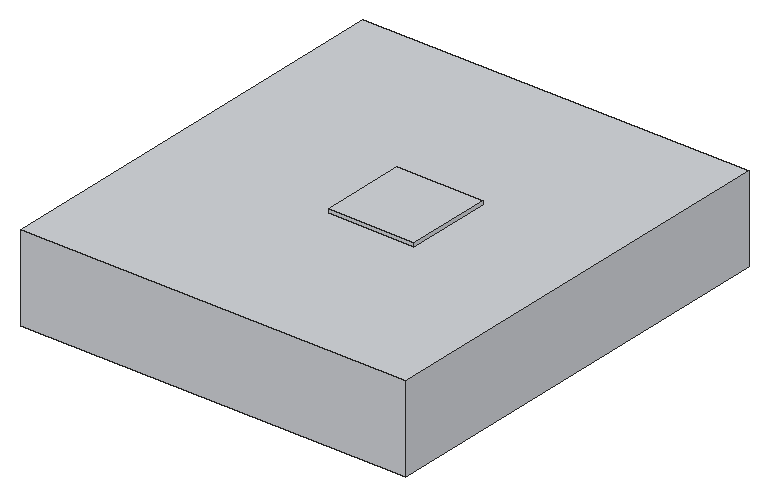
Revit family "fe78a1d700e244ff980ff35d6ff58b8b", category Air Terminals, host Face, Revit 2021
Family settings
  Host = Face
  Round Connector Dimension = Use Radius
  Part Type = Normal
  OmniClass Number = 23.75.70.21.27.11
  OmniClass Title = Diffusers, Registers, and Grilles
  Seek Item ID = Supply Diffuser - Perforated - Round Neck - Ceiling Mounted-0000-USA-ENU
  Cut with Voids When Loaded = No
  Shared = No
  Room Calculation Point = No
Parameters (values of type "Standard")
  Pressure Drop [instance] = 0.308 in-wg
  Duct Radius = 3"
  Flow [instance] = 275 CFM
  Duct Diameter = Duct Radius * 2  # 6"
  Diffuser Width = 1' - 0"
  Diffuser Material = none
  Diffuser Height = 1' - 0"
  Diffuser Half Width = Diffuser Width * 1 / 2  # 0' - 6"
  Diffuser Half Height = Diffuser Height * 1 / 2  # 0' - 6"
  Default Elevation = 4' - 0"
  Assembly Code = ""
Reference planes (in)
  plane 1 "Center (Front/Back)": y = 0
  plane 2: z = 0
  plane 3 "Center (Left/Right)": x = 0
  plane 4: y = 6
  plane 5: y = -6
  plane 6: x = -6
  plane 7: x = 6
  plane 8: x = -3
  plane 9: x = 3
  plane 10: y = 3
  plane 11: y = -3
  plane 12: y = 5.25
  plane 13: x = -5.25
  plane 14: y = -5.25
  plane 15: x = 5.25
  plane 16: z = 0.5
  plane 17: z = -2.5
  plane 18: z = -1.5
Forms (in)
  Extrusion 1, solid
    sketch origin (0, 0, 0) x (1, 0, 0) y (0, 1, 0)
      loop
        line (-30, 30) -> (-30, -30) -> (24, -30) -> (24, 30) -> (-30, 30)
    from 0 to -12
  Blend 2, solid, material <- "Diffuser Material"
    base sketch origin (0, 0, -0.5) x (-1, 0, 0) y (0, -1, 0)
      loop
        line (-3, 3) -> (-3, -3) -> (3, -3) -> (3, 3) -> (-3, 3)
    top sketch origin (0, 0, -0.5) x (-1, 0, 0) y (0, -1, 0)
      loop
        line (-5.25, 5.25) -> (-5.25, -5.25) -> (5.25, -5.25) -> (5.25, 5.25) -> (-5.25, 5.25)
    from -1 to 0.5
  Extrusion 3, solid, material <- "Diffuser Material"
    sketch origin (0, 0, -3) x (-1, 0, 0) y (0, -1, 0)
      loop
        line (6, -6) -> (6, 6) -> (-6, 6) -> (-6, -6) -> (6, -6)
    from 3 to 3.5
  Extrusion 4, solid, material <- "Diffuser Material"
    sketch origin (0, 0, 0) x (1, 0, 0) y (0, 1, 0)
      loop
        circle (0, 0) r 3
    from -2.5 to -1.5
Cuts and joins
  joined: Extrusion 3, Extrusion 4
Lines and regions (in)
  symbolic lines
    curve 1: line (-6, 6, 0) -> (6, -6, 0)
    curve 2: line (6, 6, 0) -> (-6, -6, 0)
    curve 3: line (-6, 6, 0) -> (6, 6, 0)
    curve 4: line (-6, -6, 0) -> (-6, 6, 0)
    curve 5: line (6, -6, 0) -> (-6, -6, 0)
    curve 6: line (6, 6, 0) -> (6, -6, 0)
    curve 7: circle (0, 0, 0) r 3 normal (0, 0, 1)
Dimensions and locks (in)
  "Diffuser Half Height": plane 6 to plane 3 "Center (Left/Right)"
  "Diffuser Half Height": plane 3 "Center (Left/Right)" to plane 7
  "Diffuser Half Width": plane 4 to plane 1 "Center (Front/Back)"
  "Diffuser Half Width": plane 5 to plane 1 "Center (Front/Back)"
  "Duct Radius": plane 3 "Center (Left/Right)" to plane 8
  "Duct Radius": plane 9 to plane 3 "Center (Left/Right)"
  "Duct Radius": plane 10 to plane 1 "Center (Front/Back)"
  "Duct Radius": plane 11 to plane 1 "Center (Front/Back)"
  "Duct Radius": plane 8 to plane 3 "Center (Left/Right)"
  "Duct Radius": plane 3 "Center (Left/Right)" to plane 9
  locked: plane 4 to plane 12 at 0.75
  locked: plane 6 to plane 13 at 0.75
  locked: plane 14 to plane 5 at 0.75
  locked: plane 15 to plane 7 at 0.75
  locked: plane 16 to plane 2 at 0.5
  locked: plane 16 to plane 17 at 3
  locked: plane 18 to plane 17 at 1
  "Duct Radius": radius of Extrusion 4 sketch curve
  "Duct Radius": radius of curve 7
  aligned and locked: plane 2 to Extrusion 1
  aligned and locked: level to Extrusion 1
  aligned and locked: Blend 2 sketch curve to plane 12
  aligned and locked: Blend 2 sketch curve to plane 15
  aligned and locked: plane 14 to Blend 2 sketch curve
  aligned and locked: plane 13 to Blend 2 sketch curve
  aligned and locked: Blend 2 sketch curve to plane 10
  aligned and locked: plane 8 to Blend 2 sketch curve
  aligned and locked: plane 11 to Blend 2 sketch curve
  aligned and locked: plane 9 to Blend 2 sketch curve
  aligned and locked: plane 4 to Extrusion 3
  aligned and locked: Extrusion 3 to plane 5
  aligned and locked: plane 6 to curve 1
  aligned and locked: plane 1 "Center (Front/Back)" to Extrusion 4 sketch curve
  aligned and locked: plane 3 "Center (Left/Right)" to Extrusion 4 sketch curve
  aligned and locked: curve 3 to plane 4
  aligned and locked: curve 6 to plane 7
  aligned and locked: plane 5 to curve 5  (x2)
  aligned and locked: plane 6 to curve 4
  aligned and locked: cut or joined group of Extrusion 3, Extrusion 4 to plane 16
  aligned and locked: cut or joined group of Extrusion 3, Extrusion 4 to plane 2
  aligned and locked: cut or joined group of Extrusion 3, Extrusion 4 to plane 18
  aligned and locked: plane 17 to cut or joined group of Extrusion 3, Extrusion 4
  aligned and locked: plane 4 to curve 6
  aligned and locked: plane 7 to curve 6
  aligned and locked: plane 3 "Center (Left/Right)" to curve 7
  aligned and locked: plane 1 "Center (Front/Back)" to curve 7
Automatic sketch dimensions
  plane 7 to Extrusion 3 sketch curve = 0' - 0"
  Extrusion 3 sketch curve to plane 4 = 0' - 0"
  Extrusion 3 sketch curve to plane 5 = 0' - 0"
  Extrusion 3 sketch curve to plane 6 = 0' - 0"
  Extrusion 1 sketch curve to Extrusion 1 sketch curve = 4' - 6"
  Extrusion 1 sketch curve to Extrusion 1 sketch curve = 5' - 0"
Connectors (in)
  hvac at (0, 0, -2.5), driven by "Flow", driven by "Duct Radius", driven by "Pressure Drop"
    settings: on cut or joined group of Extrusion 3, Extrusion 4, index 1, duct flow 275 CFM, flow factor 0, pres drop 0.308 in-wg, loss coef 0, conn angle 0.00°, conn width 12", conn height 12", conn diameter 6", duct sys type 1, conn prof type 0, flow config 1, flow direction 1, loss method 4, conn ref index -1, conn util no, is conn primary yes, conn desc ""
